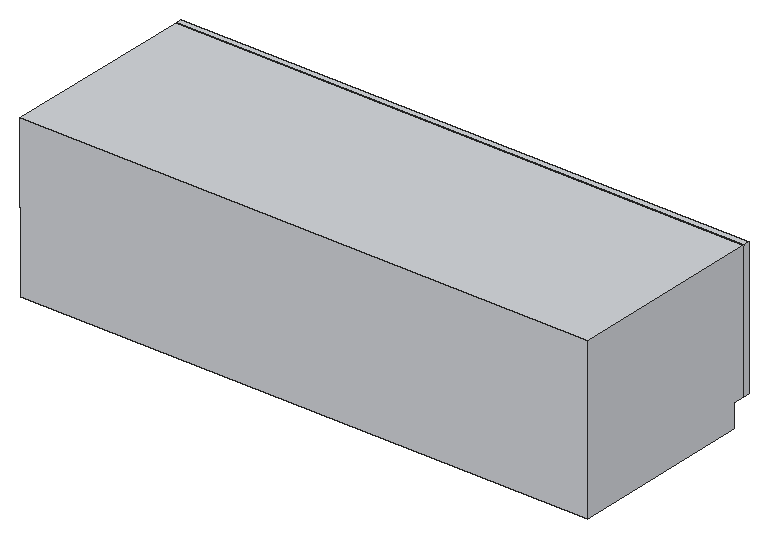
Revit family "OD_CW_Base Cabinet", category Casework, Revit 2017
Family settings
  OmniClass Number = 23.40.35.00
  OmniClass Title = Casework
  Work Plane-Based = No
  Always vertical = Yes
  Cut with Voids When Loaded = No
  Shared = No
  Room Calculation Point = No
Parameters
  OD_CW_Width [instance] = 2' - 10"
  OD_CW_Material_Front Panel [instance] = none
  OD_CW_Material_Body [instance] = none
  OD_CW_Length [instance] = 8' - 0"
  OD_CW_Height [instance] = 2' - 3"
  Depth = 2' - 0"
  Height = 3' - 0"
  Width = 4' - 0"
Reference planes (in)
  plane 1 "Center (Left/Right)": x = 0.7377
  plane 2 "Left": x = -23.2623
  plane 3 "Right": x = 24.7377
  plane 4 "Front": y = -24
  plane 5 "Top": z = 27
  plane 6: x = 96.7377
  plane 7: y = 10
  plane 8: y = 9
  plane 9: z = 0
Forms (in)
  Extrusion 1, solid, material <- "OD_CW_Material_Body"
    sketch origin (24.7377, 0, 0) x (0, -1, 0) y (0, 0, 1)
      loop
        line (24, 27) -> (-9, 27) -> (-9, 4) -> (-7, 4) -> (-7, 0) -> (24, 0) -> (24, 27)
    from -72 to 24
  Extrusion 2, solid, material <- "OD_CW_Material_Front Panel"
    sketch origin (24.7377, 12, 0) x (0, -1, 0) y (0, 0, 1)
      loop
        line (3, 27) -> (2, 27) -> (2, 4) -> (3, 4) -> (3, 27)
    from -72 to 24
Lines and regions (in)
  symbolic lines, style "InvisibleLines"
    curve 1: line (0.7377, 10, 0) -> (0.7377, -28, 0)
  symbolic lines, style "Casework"
    curve 2: line (0.7377, 10, 0) -> (96.7377, 10, 0)
    curve 3: line (0.7377, -24, 0) -> (0.7377, 10, 0)
    curve 4: line (96.7377, -24, 0) -> (0.7377, -24, 0)
    curve 5: line (96.7377, 10, 0) -> (96.7377, -24, 0)
Dimensions and locks (in)
  equal spacing: plane 2 "Left", plane 1 "Center (Left/Right)", plane 3 "Right"
  "OD_CW_Width": plane 4 "Front" to plane 7
  "OD_CW_Length": plane 1 "Center (Left/Right)" to plane 6
  locked: Extrusion 1 sketch curve to plane 7 at 3
  plane 5 "Top" to plane 9 = 2' - 3"
  locked: curve 1 to Extrusion 1 at 4
  locked: plane 7 to plane 8 at 1
  "OD_CW_Height": plane 5 "Top" to plane 9
  aligned and locked: plane 5 "Top" to Extrusion 1 sketch curve
  aligned and locked: Extrusion 1 sketch curve to plane 4 "Front"
  aligned and locked: level to Extrusion 1 sketch curve
  aligned and locked: Extrusion 1 to plane 1 "Center (Left/Right)"
  aligned and locked: plane 6 to Extrusion 1
  aligned and locked: curve 2 to plane 7
  aligned and locked: curve 5 to plane 6
  aligned and locked: curve 4 to plane 4 "Front"
  aligned and locked: plane 1 "Center (Left/Right)" to curve 3
  aligned and locked: plane 8 to Extrusion 1 sketch curve
  aligned and locked: plane 7 to Extrusion 2 sketch curve
  aligned and locked: Extrusion 2 sketch curve to plane 5 "Top"
  aligned and locked: Extrusion 2 sketch curve to plane 8
  aligned and locked: Extrusion 2 sketch curve to Extrusion 1
  aligned and locked: Extrusion 2 to plane 1 "Center (Left/Right)"
  aligned and locked: plane 6 to Extrusion 2
  aligned and locked: level to plane 9
Automatic sketch dimensions
  level to Extrusion 1 sketch curve = 0' - 4"
